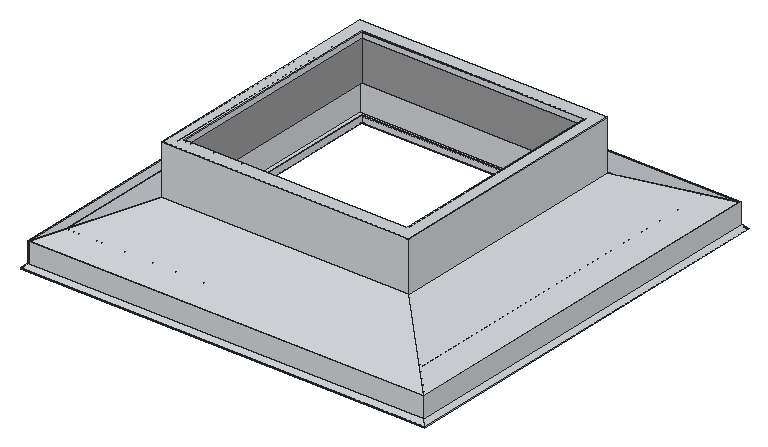
Revit family "HVAC Curb Adapter", category Mechanical Equipment, Revit 2015
Parameters
  Z = 0' - 3"
  Y = 0' - 4"
  X = 0' - 6"
  URL = "https://unitedenertech.com/catalog/pdf/M_12%20HVAC%20CURB%20ADAPTER.pdf"
  Type Comments = "Consult Factory for Max. Sizes"
  Model = "HVAC Curb Adapter"
  Manufacturer = "United Enertech Corporation"
  Description = "HVAC Curb Adapter"
  B Side O.D. Unit = 2' - 6"
  B Side O.D. Frame = 4' - 0"
  A Side O.D. Unit = 2' - 6"
  A Side O.D. Frame = 4' - 0"
Reference planes (in)
  plane 1 "Center (Front/Back)": y = 0
  plane 2: z = 0
  plane 3 "Center (Left/Right)": x = 0
  plane 4: x = -15
  plane 5: y = -15
  plane 6: x = 15
  plane 7: y = 15
  plane 8: y = 13.5
  plane 9: x = -13.5
  plane 10: x = 13.5
  plane 11: y = -13.5
  plane 12: y = -24
  plane 13: x = -24
  plane 14: x = 24
  plane 15: y = 24
  plane 16: y = -23.9253
  plane 17: x = -23.9253
  plane 18: x = -14.9253
  plane 19: x = -13.5747
  plane 20: y = 14.9253
  plane 21: y = 13.5747
  plane 22: y = -14.9253
  plane 23: y = -13.5747
  plane 24: y = 23.9253
  plane 25: x = 23.9253
  plane 26: x = 14.9253
  plane 27: x = 13.5747
  plane 28: z = 0.5
  plane 29: z = 3
  plane 30: z = 7
  plane 31: z = 13
  plane 32: z = 12.25
  plane 33: z = 12.9253
  plane 34: y = -21.4253
  plane 35: y = 21.4253
  plane 36: x = -21.4253
  plane 37: x = 21.4253
  plane 38: z = 3.0747
  plane 39: z = 3.8247
  plane 40: x = 13.9253
  plane 41: y = 13.9253
  plane 42: x = -13.9253
  plane 43: y = -13.9253
  plane 44: z = 6.9253
  plane 45: z = 2.9253
Forms (in)
  Extrusion 1, solid, material "Rigid insulation"
    sketch origin (0, 0, 0) x (1, 0, 0) y (0, 1, 0)
      loop
        line (-14.9253, -14.9253) -> (14.9253, -14.9253) -> (14.9253, 14.9253) -> (-14.9253, 14.9253) -> (-14.9253, -14.9253)
      loop
        line (-13.9253, -13.9253) -> (13.9253, -13.9253) -> (13.9253, 13.9253) -> (-13.9253, 13.9253) -> (-13.9253, -13.9253)
    from 7 to 12.9253
  Extrusion 2, solid
    sketch origin (0, 0, 0) x (1, 0, 0) y (0, 1, 0)
      loop
        line (-15, -15) -> (15, -15) -> (15, 15) -> (-15, 15) -> (-15, -15)
      loop
        line (-13.5, -13.5) -> (13.5, -13.5) -> (13.5, 13.5) -> (-13.5, 13.5) -> (-13.5, -13.5)
    from 3 to 3.0747
  Extrusion 3, solid
    sketch origin (0, 0, 0) x (1, 0, 0) y (0, 1, 0)
      loop
        line (-15, -15) -> (15, -15) -> (15, 15) -> (-15, 15) -> (-15, -15)
      loop
        line (-13.5, -13.5) -> (13.5, -13.5) -> (13.5, 13.5) -> (-13.5, 13.5) -> (-13.5, -13.5)
    from 12.9253 to 13
  Extrusion 4, solid
    sketch origin (0, 0, 0) x (1, 0, 0) y (0, 1, 0)
      loop
        line (-13.5747, -13.5747) -> (13.5747, -13.5747) -> (13.5747, 13.5747) -> (-13.5747, 13.5747) -> (-13.5747, -13.5747)
      loop
        line (-13.5, -13.5) -> (13.5, -13.5) -> (13.5, 13.5) -> (-13.5, 13.5) -> (-13.5, -13.5)
    from 3.0747 to 3.8247
  Extrusion 5, solid
    sketch origin (0, 0, 0) x (1, 0, 0) y (0, 1, 0)
      loop
        line (-13.5747, -13.5747) -> (13.5747, -13.5747) -> (13.5747, 13.5747) -> (-13.5747, 13.5747) -> (-13.5747, -13.5747)
      loop
        line (-13.5, -13.5) -> (13.5, -13.5) -> (13.5, 13.5) -> (-13.5, 13.5) -> (-13.5, -13.5)
    from 12.25 to 12.9253
  Extrusion 6, solid
    sketch origin (0, 0, 0) x (1, 0, 0) y (0, 1, 0)
      loop
        line (-15, -15) -> (15, -15) -> (15, 15) -> (-15, 15) -> (-15, -15)
      loop
        line (-14.9253, -14.9253) -> (14.9253, -14.9253) -> (14.9253, 14.9253) -> (-14.9253, 14.9253) -> (-14.9253, -14.9253)
    from 3.0747 to 12.9253
  Sweep 7, solid
    path origin (0, 0, 0) x (1, 0, 0) y (0, 1, 0)
      loop
        line (-24, -24) -> (24, -24) -> (24, 24) -> (-24, 24) -> (-24, -24)
    profile origin (0, -24, 0) x (0, 1, 0) y (0, 0, 1)
      loop
        line (0, 0.5) -> (0, 0.60496) -> (-0.5, 0.10496) -> (-0.5, 0) -> (0, 0.5)
  Extrusion 8, solid
    sketch origin (0, 0, 0) x (1, 0, 0) y (0, 1, 0)
      loop
        line (-24, -24) -> (24, -24) -> (24, 24) -> (-24, 24) -> (-24, -24)
      loop
        line (-23.9253, -23.9253) -> (23.9253, -23.9253) -> (23.9253, 23.9253) -> (-23.9253, 23.9253) -> (-23.9253, -23.9253)
    from 0.5 to 3
  Blend 9, solid
    base sketch origin (0, 0, 0) x (1, 0, 0) y (0, 0, 1)
      loop
        line (-23.9253, 2.9253) -> (23.9253, 2.9253) -> (23.9253, 3) -> (-23.9253, 3) -> (-23.9253, 2.9253)
    top sketch origin (0, 0, 0) x (1, 0, 0) y (0, 0, 1)
      loop
        line (-15, 7) -> (-15, 6.9253) -> (15, 6.9253) -> (15, 7) -> (-15, 7)
    from 23.9253 to 15
  Blend 10, solid
    base sketch origin (0, 0, 0) x (1, 0, 0) y (0, 0, 1)
      loop
        line (-23.9253, 2.9253) -> (23.9253, 2.9253) -> (23.9253, 3) -> (-23.9253, 3) -> (-23.9253, 2.9253)
    top sketch origin (0, 0, 0) x (1, 0, 0) y (0, 0, 1)
      loop
        line (-15, 7) -> (-15, 6.9253) -> (15, 6.9253) -> (15, 7) -> (-15, 7)
    from -23.9253 to -15
  Blend 11, solid
    base sketch origin (0, 0, 0) x (0, 1, 0) y (0, 0, 1)
      loop
        line (23.9253, 2.9253) -> (23.9253, 3) -> (-23.9253, 3) -> (-23.9253, 2.9253) -> (23.9253, 2.9253)
    top sketch origin (0, 0, 0) x (0, 1, 0) y (0, 0, 1)
      loop
        line (15, 6.9253) -> (15, 7) -> (-15, 7) -> (-15, 6.9253) -> (15, 6.9253)
    from -23.9253 to -15
  Blend 12, solid
    base sketch origin (0, 0, 0) x (0, 1, 0) y (0, 0, 1)
      loop
        line (23.9253, 2.9253) -> (23.9253, 3) -> (-23.9253, 3) -> (-23.9253, 2.9253) -> (23.9253, 2.9253)
    top sketch origin (0, 0, 0) x (0, 1, 0) y (0, 0, 1)
      loop
        line (15, 6.9253) -> (15, 7) -> (-15, 7) -> (-15, 6.9253) -> (15, 6.9253)
    from 23.9253 to 15
  Extrusion 13, solid
    sketch origin (0, 0, 0) x (1, 0, 0) y (0, 0, 1)
      loop
        line (21.4253, 3) -> (23.75862, 3) -> (21.4253, 4.04571) -> (21.4253, 3)
    from -23.9253 to 23.9253
  Extrusion 14, solid
    sketch origin (0, 0, 0) x (-1, 0, 0) y (0, 0, -1)
      loop
        line (21.4253, -3) -> (21.4253, -4.04571) -> (23.75862, -3) -> (21.4253, -3)
    from -23.9253 to 23.9253
  Extrusion 15, solid
    sketch origin (0, 0, 0) x (0, 1, 0) y (0, 0, 1)
      loop
        line (-21.4253, 4.04571) -> (-23.75862, 3) -> (-21.4253, 3) -> (-21.4253, 4.04571)
    from -23.9253 to 23.9253
  Extrusion 16, solid
    sketch origin (0, 0, 0) x (0, -1, 0) y (0, 0, -1)
      loop
        line (-21.4253, -4.04571) -> (-21.4253, -3) -> (-23.75862, -3) -> (-21.4253, -4.04571)
    from -23.9253 to 23.9253
  Extrusion 17, solid, material "Rigid insulation"
    sketch origin (0, 0, 0) x (0, 1, 0) y (0, 0, 1)
      loop
        line (-15, 6.9253) -> (-21.4253, 4.04571) -> (-21.4253, 3.07019) -> (-15, 4.80443) -> (-15, 6.9253)
    from -23.9253 to 23.9253
  Extrusion 18, solid, material "Rigid insulation"
    sketch origin (0, 0, 0) x (0, 1, 0) y (0, 0, 1)
      loop
        line (21.4253, 3.07019) -> (21.4253, 4.04571) -> (15, 6.9253) -> (15, 4.80443) -> (21.4253, 3.07019)
    from -23.9253 to 23.9253
  Extrusion 19, solid, material "Rigid insulation"
    sketch origin (0, 0, 0) x (1, 0, 0) y (0, 0, 1)
      loop
        line (15, 4.80443) -> (21.4253, 3.07019) -> (21.4253, 4.04571) -> (15, 6.9253) -> (15, 4.80443)
    from -23.9253 to 23.9253
  Extrusion 20, solid, material "Rigid insulation"
    sketch origin (0, 0, 0) x (1, 0, 0) y (0, 0, 1)
      loop
        line (-21.4253, 3.07019) -> (-15, 4.80443) -> (-15, 6.9253) -> (-21.4253, 4.04571) -> (-21.4253, 3.07019)
    from -23.9253 to 23.9253
  Extrusion 21, void
    sketch origin (0, 0, 0) x (1, 0, 0) y (0, 1, 0)
      loop
        line (14.9253, -14.9253) -> (24, -24) -> (24, -14.9253) -> (14.9253, -14.9253)
    from 0 to 12.9253
  Extrusion 22, void
    sketch origin (0, 0, 0) x (1, 0, 0) y (0, 1, 0)
      loop
        line (14.9253, -14.9253) -> (14.9253, -24) -> (24, -24) -> (14.9253, -14.9253)
    from 13 to 0
  Extrusion 23, void
    sketch origin (0, 0, 0) x (1, 0, 0) y (0, 1, 0)
      loop
        line (14.9253, -14.9253) -> (24, -24) -> (24, -14.9253) -> (14.9253, -14.9253)
    from 0 to 13
  Extrusion 24, void
    sketch origin (0, 0, 0) x (1, 0, 0) y (0, 1, 0)
      loop
        line (-24, -24) -> (-14.9253, -24) -> (-14.9253, -14.9253) -> (-24, -24)
    from 0 to 13
  Extrusion 25, void
    sketch origin (0, 0, 0) x (1, 0, 0) y (0, 1, 0)
      loop
        line (-24, -24) -> (-14.9253, -14.9253) -> (-24, -14.9253) -> (-24, -24)
    from 0 to 13
  Extrusion 26, void
    sketch origin (0, 0, 0) x (1, 0, 0) y (0, 1, 0)
      loop
        line (-24, 24) -> (-24, 14.9253) -> (-14.9253, 14.9253) -> (-24, 24)
    from 0 to 13
  Extrusion 27, void
    sketch origin (0, 0, 0) x (1, 0, 0) y (0, 1, 0)
      loop
        line (-14.9253, 14.9253) -> (-14.9253, 24) -> (-24, 24) -> (-14.9253, 14.9253)
    from 13 to 0
  Extrusion 28, void
    sketch origin (0, 0, 0) x (1, 0, 0) y (0, 1, 0)
      loop
        line (14.9253, 14.9253) -> (24, 14.9253) -> (24, 24) -> (14.9253, 14.9253)
    from 0 to 13
  Extrusion 29, void
    sketch origin (0, 0, 0) x (1, 0, 0) y (0, 1, 0)
      loop
        line (14.9253, 14.9253) -> (24, 24) -> (14.9253, 24) -> (14.9253, 14.9253)
    from 13 to 0
  Extrusion 30, void
    sketch origin (0, 0, 0) x (1, 0, 0) y (0, 1, 0)
      loop
        line (-24, -24) -> (-14.9253, -24) -> (-14.9253, -14.9253) -> (-24, -24)
    from 13 to 0
  Extrusion 31, void
    sketch origin (0, 0, 0) x (1, 0, 0) y (0, 1, 0)
      loop
        line (-24, 24) -> (-24, 14.9253) -> (-14.9253, 14.9253) -> (-24, 24)
    from 13 to 0
  Extrusion 32, void
    sketch origin (0, 0, 0) x (1, 0, 0) y (0, 1, 0)
      loop
        line (14.9253, 14.9253) -> (24, 14.9253) -> (24, 24) -> (14.9253, 14.9253)
    from 13 to 0
Cuts and joins
  Extrusion 22, Extrusion 29 cuts Extrusion 19
  Extrusion 21, Extrusion 25 cuts Extrusion 17
  Extrusion 22, Extrusion 29 cuts Extrusion 13
  Extrusion 23, Extrusion 25 cuts Extrusion 15
  Extrusion 24, Extrusion 27 cuts Extrusion 20
  Extrusion 27, Extrusion 30 cuts Extrusion 14
  Extrusion 26, Extrusion 28 cuts Extrusion 18
  Extrusion 31, Extrusion 32 cuts Extrusion 16
Dimensions and locks (in)
  equal spacing: plane 4, plane 3 "Center (Left/Right)", plane 6
  "A Side O.D. Unit": plane 4 to plane 6
  equal spacing: plane 7, plane 1 "Center (Front/Back)", plane 5
  "B Side O.D. Unit": plane 7 to plane 5
  locked: plane 4 to plane 9 at 1.5
  locked: plane 10 to plane 6 at 1.5
  locked: plane 7 to plane 8 at 1.5
  locked: plane 5 to plane 11 at 1.5
  equal spacing: plane 13, plane 3 "Center (Left/Right)", plane 14
  "A Side O.D. Frame": plane 13 to plane 14
  equal spacing: plane 15, plane 1 "Center (Front/Back)", plane 12
  "B Side O.D. Frame": plane 15 to plane 12
  locked: plane 16 to plane 12 at 0.0747
  locked: plane 24 to plane 15 at 0.0747
  locked: plane 21 to plane 8 at 0.0747
  locked: plane 7 to plane 20 at 0.0747
  locked: plane 5 to plane 22 at 0.0747
  locked: plane 23 to plane 11 at 0.0747
  locked: plane 13 to plane 17 at 0.0747
  locked: plane 4 to plane 18 at 0.0747
  locked: plane 19 to plane 9 at 0.0747
  locked: plane 10 to plane 27 at 0.0747
  locked: plane 26 to plane 6 at 0.0747
  locked: plane 25 to plane 14 at 0.0747
  locked: plane 28 to level at 0.5
  locked: plane 31 to plane 32 at 0.75
  "X": plane 31 to plane 30
  "Y": plane 30 to plane 29
  "Z": plane 29 to level
  locked: plane 31 to plane 33 at 0.0747
  locked: plane 34 to plane 16 at 2.5
  locked: plane 24 to plane 35 at 2.5
  locked: plane 17 to plane 36 at 2.5
  locked: plane 25 to plane 37 at 2.5
  locked: plane 38 to plane 29 at 0.0747
  locked: plane 39 to plane 38 at 0.75
  locked: plane 20 to plane 41 at 1
  locked: plane 40 to plane 26 at 1
  locked: plane 18 to plane 42 at 1
  locked: plane 22 to plane 43 at 1
  locked: plane 30 to plane 44 at 0.0747
  locked: plane 29 to plane 45 at 0.0747
  Extrusion 28 to cut or joined group of Extrusion 19, Extrusion 22, Extrusion 29 = 0' - 2.5747"
  aligned and locked: level to plane 2
  aligned and locked: plane 18 to Extrusion 1 sketch curve
  aligned and locked: plane 22 to Extrusion 1 sketch curve
  aligned and locked: plane 26 to Extrusion 1 sketch curve
  aligned and locked: plane 20 to Extrusion 1 sketch curve
  aligned and locked: plane 41 to Extrusion 1 sketch curve
  aligned and locked: Extrusion 1 sketch curve to plane 42
  aligned and locked: Extrusion 1 sketch curve to plane 40
  aligned and locked: plane 43 to Extrusion 1 sketch curve
  aligned and locked: plane 33 to Extrusion 1
  aligned and locked: Extrusion 1 to plane 30
  aligned and locked: Extrusion 2 sketch curve to plane 4
  aligned and locked: Extrusion 2 sketch curve to plane 9
  aligned and locked: Extrusion 2 sketch curve to plane 10
  aligned and locked: Extrusion 2 sketch curve to plane 6
  aligned and locked: plane 7 to Extrusion 2 sketch curve
  aligned and locked: plane 8 to Extrusion 2 sketch curve
  aligned and locked: Extrusion 2 sketch curve to plane 5
  aligned and locked: plane 11 to Extrusion 2 sketch curve
  aligned and locked: Extrusion 2 to plane 29
  aligned and locked: plane 38 to Extrusion 2
  aligned and locked: plane 31 to Extrusion 3
  aligned and locked: Extrusion 3 to plane 33
  aligned and locked: Extrusion 4 sketch curve to plane 19
  aligned and locked: plane 21 to Extrusion 4 sketch curve
  aligned and locked: Extrusion 4 sketch curve to plane 27
  aligned and locked: plane 23 to Extrusion 4 sketch curve
  aligned and locked: plane 11 to Extrusion 4 sketch curve
  aligned and locked: Extrusion 4 sketch curve to plane 10
  aligned and locked: Extrusion 4 sketch curve to plane 9
  aligned and locked: plane 8 to Extrusion 4 sketch curve
  aligned and locked: Extrusion 4 to plane 38
  aligned and locked: plane 39 to Extrusion 4
  aligned and locked: Extrusion 5 to plane 33
  aligned and locked: Extrusion 5 to plane 32
  aligned and locked: Extrusion 6 sketch curve to plane 4
  aligned and locked: plane 7 to Extrusion 6 sketch curve
  aligned and locked: Extrusion 6 sketch curve to plane 6
  aligned and locked: Extrusion 6 sketch curve to plane 5
  aligned and locked: plane 22 to Extrusion 6 sketch curve
  aligned and locked: plane 18 to Extrusion 6 sketch curve
  aligned and locked: plane 26 to Extrusion 6 sketch curve
  aligned and locked: plane 20 to Extrusion 6 sketch curve
  aligned and locked: Extrusion 6 to plane 33
  aligned and locked: Extrusion 6 to plane 38
  aligned and locked: plane 13 to Sweep 7 sketch curve
  aligned and locked: Sweep 7 sketch curve to plane 15
  aligned and locked: plane 14 to Sweep 7 sketch curve
  aligned and locked: Sweep 7 sketch curve to plane 12
  aligned and locked: plane 13 to Extrusion 8 sketch curve
  aligned and locked: Extrusion 8 sketch curve to plane 12
  aligned and locked: plane 14 to Extrusion 8 sketch curve
  aligned and locked: Extrusion 8 sketch curve to plane 15
  aligned and locked: Extrusion 8 sketch curve to plane 24
  aligned and locked: plane 25 to Extrusion 8 sketch curve
  aligned and locked: plane 17 to Extrusion 8 sketch curve
  aligned and locked: Extrusion 8 sketch curve to plane 16
  aligned and locked: Extrusion 8 to plane 28
  aligned and locked: plane 29 to Extrusion 8
  aligned and locked: plane 29 to Blend 9 sketch curve
  aligned and locked: Blend 9 sketch curve to plane 45
  aligned and locked: Blend 9 sketch curve to plane 30
  aligned and locked: plane 4 to Blend 9 sketch curve
  aligned and locked: plane 6 to Blend 9 sketch curve
  aligned and locked: plane 44 to Blend 9 sketch curve
  aligned and locked: Blend 9 to plane 16
  aligned and locked: plane 5 to Blend 9
  aligned and locked: Blend 10 to plane 24
  aligned and locked: Blend 10 to plane 7
  aligned and locked: plane 25 to Blend 9 sketch curve
  aligned and locked: plane 17 to Blend 9 sketch curve
  aligned and locked: plane 17 to Blend 10 sketch curve
  aligned and locked: plane 25 to Blend 10 sketch curve
  aligned and locked: Blend 11 sketch curve to plane 24
  aligned and locked: Blend 11 sketch curve to plane 16
  aligned and locked: Blend 11 sketch curve to plane 45
  aligned and locked: plane 29 to Blend 11 sketch curve
  aligned and locked: plane 7 to Blend 11 sketch curve
  aligned and locked: Blend 11 sketch curve to plane 5
  aligned and locked: plane 30 to Blend 11 sketch curve
  aligned and locked: Blend 11 sketch curve to plane 44
  aligned and locked: plane 17 to Blend 11
  aligned and locked: plane 4 to Blend 11
  aligned and locked: plane 6 to Blend 12
  aligned and locked: plane 25 to Blend 12
  aligned and locked: Extrusion 13 sketch curve to Blend 12
  aligned and locked: Extrusion 13 sketch curve to plane 29
  aligned and locked: Extrusion 13 sketch curve to plane 37
  aligned and locked: Blend 11 to Extrusion 14 sketch curve
  aligned and locked: plane 36 to Extrusion 14 sketch curve
  aligned and locked: plane 29 to Extrusion 14 sketch curve
  aligned and locked: Extrusion 13 to plane 24
  aligned and locked: Extrusion 14 to plane 24
  aligned and locked: Extrusion 14 to plane 16
  aligned and locked: Extrusion 13 to plane 16
  aligned and locked: Extrusion 15 sketch curve to Blend 9
  aligned and locked: plane 34 to Extrusion 15 sketch curve
  aligned and locked: Extrusion 15 sketch curve to plane 29
  aligned and locked: Blend 10 to Extrusion 16 sketch curve
  aligned and locked: Extrusion 16 sketch curve to plane 35
  aligned and locked: plane 29 to Extrusion 16 sketch curve
  aligned and locked: plane 17 to Extrusion 16
  aligned and locked: plane 17 to Extrusion 15
  aligned and locked: plane 25 to Extrusion 15
  aligned and locked: plane 25 to Extrusion 16
  aligned and locked: plane 5 to Extrusion 17 sketch curve
  aligned and locked: Extrusion 17 sketch curve to Blend 9
  aligned and locked: plane 34 to Extrusion 17 sketch curve
  aligned and locked: plane 17 to Extrusion 17
  aligned and locked: plane 25 to Extrusion 17
  aligned and locked: plane 35 to Extrusion 18 sketch curve
  aligned and locked: Blend 10 to Extrusion 18 sketch curve
  aligned and locked: plane 7 to Extrusion 18 sketch curve
  aligned and locked: plane 17 to Extrusion 18
  aligned and locked: plane 25 to Extrusion 18
  aligned and locked: Extrusion 19 sketch curve to plane 6
  aligned and locked: Extrusion 19 sketch curve to Blend 12
  aligned and locked: Extrusion 19 sketch curve to plane 37
  aligned and locked: Extrusion 19 to plane 16
  aligned and locked: Extrusion 19 to plane 24
  aligned and locked: Extrusion 20 sketch curve to plane 36
  aligned and locked: Extrusion 20 sketch curve to plane 4
  aligned and locked: Blend 11 to Extrusion 20 sketch curve
  aligned and locked: Extrusion 20 to plane 16
  aligned and locked: Extrusion 20 to plane 24
  aligned and locked: Extrusion 21 to level
  aligned and locked: plane 33 to Extrusion 21
  aligned and locked: Extrusion 22 to level
  aligned and locked: plane 26 to Extrusion 22 sketch curve  (x2)
  aligned and locked: plane 22 to Extrusion 22 sketch curve
  aligned and locked: plane 12 to Extrusion 22 sketch curve
  aligned and locked: plane 14 to Extrusion 22 sketch curve
  aligned and locked: plane 22 to Extrusion 21 sketch curve
  aligned and locked: plane 26 to Extrusion 21 sketch curve
  aligned and locked: plane 14 to Extrusion 21 sketch curve
  aligned and locked: plane 12 to Extrusion 21 sketch curve
  aligned and locked: Extrusion 23 to level
  aligned and locked: plane 31 to Extrusion 23
  aligned and locked: Extrusion 24 to level
  aligned and locked: plane 31 to Extrusion 24
  aligned and locked: Extrusion 25 to level
  aligned and locked: plane 31 to Extrusion 25
  aligned and locked: Extrusion 26 to level
  aligned and locked: plane 31 to Extrusion 26
  aligned and locked: Extrusion 27 to level
  aligned and locked: plane 31 to Extrusion 27
  aligned and locked: Extrusion 28 to level
  aligned and locked: plane 31 to Extrusion 28
  aligned and locked: Extrusion 29 to level
  aligned and locked: plane 31 to Extrusion 29
  aligned and locked: Extrusion 30 to level
  aligned and locked: plane 31 to Extrusion 30
  aligned and locked: Extrusion 31 to level
  aligned and locked: plane 31 to Extrusion 31
  aligned and locked: Extrusion 32 to level
  aligned and locked: plane 31 to Extrusion 32
Automatic sketch dimensions
  Extrusion 3 sketch curve to plane 4 = 0' - 0"
  Extrusion 3 sketch curve to plane 9 = 0' - 0"
  Extrusion 3 sketch curve to plane 10 = 0' - 0"
  Extrusion 3 sketch curve to plane 5 = 0' - 0"
  Extrusion 3 sketch curve to plane 6 = 0' - 0"
  plane 11 to Extrusion 3 sketch curve = 0' - 0"
  Extrusion 3 sketch curve to plane 8 = 0' - 0"
  Extrusion 3 sketch curve to plane 7 = 0' - 0"
  Extrusion 5 sketch curve to plane 19 = 0' - 0"
  Extrusion 5 sketch curve to plane 9 = 0' - 0"
  Extrusion 5 sketch curve to plane 10 = 0' - 0"
  plane 23 to Extrusion 5 sketch curve = 0' - 0"
  Extrusion 5 sketch curve to plane 27 = 0' - 0"
  plane 11 to Extrusion 5 sketch curve = 0' - 0"
  Extrusion 5 sketch curve to plane 8 = 0' - 0"
  Extrusion 5 sketch curve to plane 21 = 0' - 0"
  Sweep 7 sketch curve to level = 0' - 0"
  Sweep 7 sketch curve to profile plane = 0' - 0"
  level to Sweep 7 sketch curve = 0' - 0.10496"
  profile plane to Sweep 7 sketch curve = 0' - 0 1/2"
  level to Sweep 7 sketch curve = 0' - 0 1/2"
  Sweep 7 sketch curve to Sweep 7 sketch curve = 0' - 0.10496"
  Blend 10 sketch curve to plane 45 = 0' - 0"
  Blend 10 sketch curve to plane 29 = 0' - 0"
  Blend 10 sketch curve to plane 4 = 0' - 0"
  plane 6 to Blend 10 sketch curve = 0' - 0"
  Blend 10 sketch curve to plane 44 = 0' - 0"
  Blend 10 sketch curve to plane 30 = 0' - 0"
  Blend 12 sketch curve to plane 16 = 0' - 0"
  Blend 12 sketch curve to plane 24 = 0' - 0"
  Blend 12 sketch curve to plane 45 = 0' - 0"
  Blend 12 sketch curve to plane 29 = 0' - 0"
  Blend 12 sketch curve to plane 5 = 0' - 0"
  Blend 12 sketch curve to plane 7 = 0' - 0"
  Blend 12 sketch curve to plane 44 = 0' - 0"
  Blend 12 sketch curve to plane 30 = 0' - 0"
  Extrusion 17 sketch curve to plane 38 = 0' - 0.00451"
  plane 39 to Extrusion 17 sketch curve = 0' - 0.97973"
  Extrusion 18 sketch curve to plane 38 = 0' - 0.00451"
  plane 39 to Extrusion 18 sketch curve = 0' - 0.97973"
  Extrusion 19 sketch curve to plane 38 = 0' - 0.00451"
  plane 39 to Extrusion 19 sketch curve = 0' - 0.97973"
  Extrusion 20 sketch curve to plane 38 = 0' - 0.00451"
  plane 39 to Extrusion 20 sketch curve = 0' - 0.97973"
  plane 22 to Extrusion 23 sketch curve = 0' - 0"
  Extrusion 23 sketch curve to plane 26 = 0' - 0"
  Extrusion 23 sketch curve to plane 14 = 0' - 0"
  Extrusion 23 sketch curve to plane 12 = 0' - 0"
  Extrusion 24 sketch curve to plane 12 = 0' - 0"
  Extrusion 24 sketch curve to plane 13 = 0' - 0"
  Extrusion 24 sketch curve to plane 18 = 0' - 0"
  plane 22 to Extrusion 24 sketch curve = 0' - 0"
  Extrusion 25 sketch curve to plane 12 = 0' - 0"
  Extrusion 25 sketch curve to plane 13 = 0' - 0"
  Extrusion 25 sketch curve to plane 18 = 0' - 0"
  plane 22 to Extrusion 25 sketch curve = 0' - 0"
  Extrusion 26 sketch curve to plane 13 = 0' - 0"
  Extrusion 26 sketch curve to plane 18 = 0' - 0"
  Extrusion 26 sketch curve to plane 20 = 0' - 0"
  plane 15 to Extrusion 26 sketch curve = 0' - 0"
  Extrusion 27 sketch curve to plane 13 = 0' - 0"
  plane 15 to Extrusion 27 sketch curve = 0' - 0"
  Extrusion 27 sketch curve to plane 18 = 0' - 0"
  Extrusion 27 sketch curve to plane 20 = 0' - 0"
  Extrusion 28 sketch curve to plane 20 = 0' - 0"
  Extrusion 28 sketch curve to plane 26 = 0' - 0"
  Extrusion 28 sketch curve to plane 14 = 0' - 0"
  plane 15 to Extrusion 28 sketch curve = 0' - 0"
  plane 15 to Extrusion 29 sketch curve = 0' - 0"
  Extrusion 29 sketch curve to plane 26 = 0' - 0"
  Extrusion 29 sketch curve to plane 14 = 0' - 0"
  Extrusion 29 sketch curve to plane 20 = 0' - 0"
  Extrusion 30 sketch curve to plane 12 = 0' - 0"
  Extrusion 30 sketch curve to plane 13 = 0' - 0"
  Extrusion 30 sketch curve to plane 18 = 0' - 0"
  plane 22 to Extrusion 30 sketch curve = 0' - 0"
  Extrusion 31 sketch curve to plane 13 = 0' - 0"
  Extrusion 31 sketch curve to plane 18 = 0' - 0"
  Extrusion 31 sketch curve to plane 20 = 0' - 0"
  plane 15 to Extrusion 31 sketch curve = 0' - 0"
  Extrusion 32 sketch curve to plane 20 = 0' - 0"
  Extrusion 32 sketch curve to plane 26 = 0' - 0"
  Extrusion 32 sketch curve to plane 14 = 0' - 0"
  plane 15 to Extrusion 32 sketch curve = 0' - 0"
